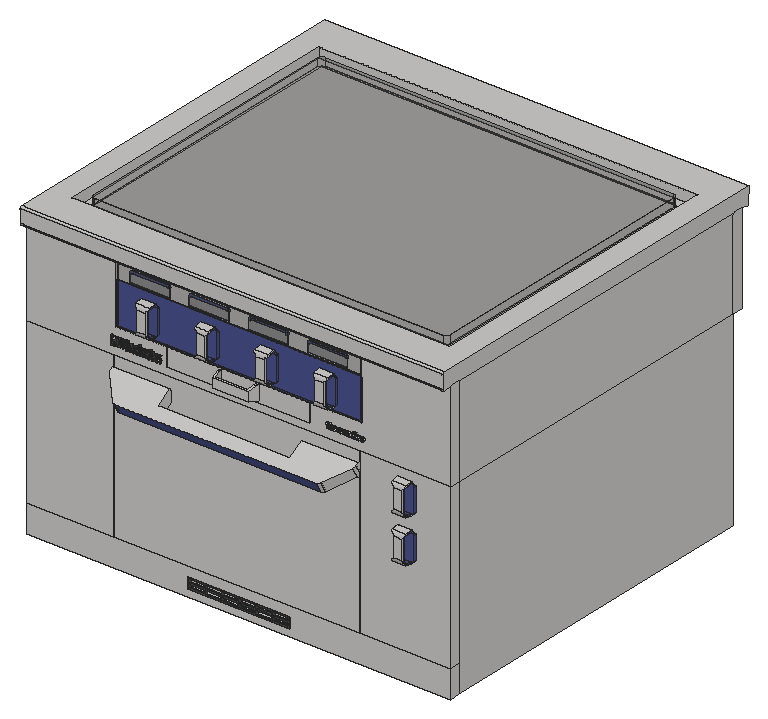
Revit family "QF_ELECTROLUXPROFESSIONAL_589652_MCLMEAJ8AO", category Attrezzature speciali, Revit 2020 (continued)
Definition of nested family "Front_Panel_W1000_Four Knobs"
  Definition of nested family "ELX_Professional_Logo_Small"
    Forms (mm)
      Extrusion 2, solid, material <- "Material_Logo"
        sketch origin (15.5, 0, 0) x (1, 0, 0) y (0, 1, 0)
          loop
            spline (-27.081, 7.167) -> (-27.853, 7.122) -> (-28.586, 6.99) -> (-29.275, 6.774) -> (-29.915, 6.478) -> (-30.5, 6.104) -> (-31.024, 5.657) -> (-31.483, 5.138) -> (-31.871, 4.553) -> (-32.182, 3.904) -> (-32.411, 3.194) -> (-32.552, 2.427) -> (-32.6, 1.606)
            spline (-32.6, 1.606) -> (-32.553, 0.805) -> (-32.416, 0.057) -> (-32.193, -0.637) -> (-31.887, -1.271) -> (-31.504, -1.843) -> (-31.048, -2.35) -> (-30.523, -2.788) -> (-29.934, -3.154) -> (-29.284, -3.444) -> (-28.579, -3.656) -> (-27.822, -3.785) -> (-27.019, -3.829)
            spline (-27.019, -3.829) -> (-26.627, -3.82) -> (-26.239, -3.79) -> (-25.856, -3.739) -> (-25.477, -3.663) -> (-25.103, -3.562) -> (-24.734, -3.432) -> (-24.369, -3.273) -> (-24.01, -3.082) -> (-23.655, -2.858) -> (-23.305, -2.597) -> (-22.96, -2.299) -> (-22.621, -1.962)
            line (-22.621, -1.962) -> (-24.114, -0.509)
            spline (-24.114, -0.509) -> (-24.311, -0.699) -> (-24.509, -0.872) -> (-24.71, -1.03) -> (-24.915, -1.172) -> (-25.126, -1.297) -> (-25.346, -1.407) -> (-25.576, -1.5) -> (-25.817, -1.576) -> (-26.072, -1.636) -> (-26.342, -1.678) -> (-26.629, -1.704) -> (-26.936, -1.713)
            spline (-26.936, -1.713) -> (-27.384, -1.691) -> (-27.805, -1.625) -> (-28.196, -1.518) -> (-28.556, -1.372) -> (-28.882, -1.187) -> (-29.174, -0.966) -> (-29.429, -0.71) -> (-29.645, -0.422) -> (-29.821, -0.102) -> (-29.955, 0.247) -> (-30.045, 0.623) -> (-30.089, 1.026)
            line (-30.089, 1.026) -> (-21.956, 1.026) -> (-21.915, 1.897)
          loop
            spline (-24.446, 2.769) -> (-24.47, 3.075) -> (-24.54, 3.37) -> (-24.654, 3.65) -> (-24.807, 3.913) -> (-24.996, 4.156) -> (-25.219, 4.376) -> (-25.472, 4.57) -> (-25.753, 4.736) -> (-26.057, 4.869) -> (-26.382, 4.968) -> (-26.724, 5.03) -> (-27.081, 5.051)
            spline (-27.081, 5.051) -> (-27.464, 5.03) -> (-27.832, 4.97) -> (-28.183, 4.872) -> (-28.513, 4.74) -> (-28.819, 4.577) -> (-29.099, 4.384) -> (-29.347, 4.165) -> (-29.563, 3.923) -> (-29.742, 3.659) -> (-29.881, 3.377) -> (-29.977, 3.079) -> (-30.027, 2.769)
            line (-30.027, 2.769) -> (-24.446, 2.769)
          loop
            spline (-18.167, 1.669) -> (-18.138, 2.13) -> (-18.055, 2.567) -> (-17.921, 2.978) -> (-17.739, 3.358) -> (-17.512, 3.705) -> (-17.243, 4.016) -> (-16.937, 4.287) -> (-16.596, 4.517) -> (-16.223, 4.7) -> (-15.823, 4.835) -> (-15.398, 4.919) -> (-14.951, 4.947)
            spline (-14.951, 4.947) -> (-14.677, 4.938) -> (-14.414, 4.913) -> (-14.162, 4.871) -> (-13.921, 4.812) -> (-13.69, 4.738) -> (-13.467, 4.649) -> (-13.254, 4.544) -> (-13.048, 4.424) -> (-12.85, 4.291) -> (-12.659, 4.143) -> (-12.474, 3.981) -> (-12.295, 3.806)
            line (-12.295, 3.806) -> (-10.76, 5.403)
            spline (-10.76, 5.403) -> (-11.065, 5.709) -> (-11.38, 5.984) -> (-11.703, 6.228) -> (-12.035, 6.443) -> (-12.375, 6.63) -> (-12.723, 6.788) -> (-13.078, 6.92) -> (-13.44, 7.026) -> (-13.809, 7.107) -> (-14.184, 7.164) -> (-14.564, 7.198) -> (-14.951, 7.209)
            spline (-14.951, 7.209) -> (-15.725, 7.161) -> (-16.467, 7.02) -> (-17.169, 6.792) -> (-17.826, 6.482) -> (-18.43, 6.096) -> (-18.976, 5.637) -> (-19.455, 5.112) -> (-19.862, 4.525) -> (-20.19, 3.882) -> (-20.433, 3.189) -> (-20.584, 2.449) -> (-20.635, 1.669)
            spline (-20.635, 1.669) -> (-20.584, 0.889) -> (-20.433, 0.149) -> (-20.19, -0.545) -> (-19.862, -1.187) -> (-19.455, -1.774) -> (-18.976, -2.299) -> (-18.43, -2.758) -> (-17.826, -3.145) -> (-17.169, -3.454) -> (-16.467, -3.682) -> (-15.725, -3.823) -> (-14.951, -3.871)
            spline (-14.951, -3.871) -> (-14.564, -3.86) -> (-14.184, -3.826) -> (-13.809, -3.77) -> (-13.44, -3.689) -> (-13.078, -3.583) -> (-12.723, -3.451) -> (-12.375, -3.292) -> (-12.035, -3.105) -> (-11.703, -2.89) -> (-11.38, -2.646) -> (-11.065, -2.371) -> (-10.76, -2.066)
            line (-10.76, -2.066) -> (-12.295, -0.468)
            spline (-12.295, -0.468) -> (-12.474, -0.643) -> (-12.659, -0.805) -> (-12.85, -0.953) -> (-13.048, -1.087) -> (-13.254, -1.206) -> (-13.467, -1.311) -> (-13.69, -1.4) -> (-13.921, -1.475) -> (-14.162, -1.533) -> (-14.414, -1.575) -> (-14.677, -1.6) -> (-14.951, -1.609)
            spline (-14.951, -1.609) -> (-15.398, -1.581) -> (-15.823, -1.497) -> (-16.223, -1.362) -> (-16.596, -1.179) -> (-16.937, -0.95) -> (-17.243, -0.678) -> (-17.512, -0.367) -> (-17.739, -0.02) -> (-17.921, 0.36) -> (-18.055, 0.771) -> (-18.138, 1.208) -> (-18.167, 1.669)
          loop
            spline (-4.441, -1.243) -> (-4.659, -1.247) -> (-4.894, -1.23) -> (-5.137, -1.19) -> (-5.384, -1.121) -> (-5.628, -1.021) -> (-5.864, -0.884) -> (-6.084, -0.708) -> (-6.283, -0.488) -> (-6.454, -0.219) -> (-6.592, 0.101) -> (-6.69, 0.478) -> (-6.742, 0.914)
            line (-6.742, 0.914) -> (-6.742, 4.587) -> (-4.487, 4.587) -> (-4.487, 6.838) -> (-6.738, 6.838) -> (-6.738, 10.824) -> (-9.217, 10.824) -> (-9.217, 0.773)
            spline (-9.217, 0.773) -> (-9.164, 0.19) -> (-9.068, -0.358) -> (-8.928, -0.87) -> (-8.742, -1.343) -> (-8.511, -1.777) -> (-8.232, -2.168) -> (-7.904, -2.515) -> (-7.527, -2.816) -> (-7.098, -3.069) -> (-6.618, -3.273) -> (-6.084, -3.426) -> (-5.496, -3.525)
            line (-5.496, -3.525) -> (-4.45, -3.573) -> (-4.441, -1.243)
          loop
            spline (3.898, 6.983) -> (3.469, 7.009) -> (3.056, 7.001) -> (2.661, 6.961) -> (2.283, 6.888) -> (1.925, 6.785) -> (1.588, 6.652) -> (1.272, 6.49) -> (0.979, 6.301) -> (0.71, 6.085) -> (0.465, 5.844) -> (0.247, 5.578) -> (0.056, 5.289)
            line (0.056, 5.289) -> (0.056, 6.838) -> (-2.402, 6.838) -> (-2.402, -3.572) -> (0.056, -3.572) -> (0.056, 1.901)
            spline (0.056, 1.901) -> (0.079, 2.316) -> (0.145, 2.703) -> (0.254, 3.06) -> (0.404, 3.386) -> (0.592, 3.679) -> (0.818, 3.938) -> (1.08, 4.162) -> (1.375, 4.348) -> (1.703, 4.495) -> (2.062, 4.602) -> (2.45, 4.668) -> (2.865, 4.69)
            line (2.865, 4.69) -> (3.898, 4.586) -> (3.898, 6.983)
          loop
            spline (15.638, 1.633) -> (15.586, 2.396) -> (15.435, 3.124) -> (15.192, 3.81) -> (14.863, 4.449) -> (14.455, 5.034) -> (13.975, 5.56) -> (13.43, 6.021) -> (12.826, 6.411) -> (12.17, 6.724) -> (11.469, 6.955) -> (10.729, 7.098) -> (9.958, 7.147)
            spline (9.958, 7.147) -> (9.182, 7.098) -> (8.44, 6.955) -> (7.737, 6.724) -> (7.081, 6.411) -> (6.477, 6.021) -> (5.933, 5.56) -> (5.454, 5.034) -> (5.048, 4.449) -> (4.721, 3.81) -> (4.479, 3.124) -> (4.329, 2.396) -> (4.277, 1.633)
            spline (4.277, 1.633) -> (4.329, 0.869) -> (4.479, 0.141) -> (4.721, -0.544) -> (5.048, -1.183) -> (5.454, -1.768) -> (5.933, -2.294) -> (6.477, -2.755) -> (7.081, -3.145) -> (7.737, -3.459) -> (8.44, -3.69) -> (9.182, -3.833) -> (9.958, -3.882)
            spline (9.958, -3.882) -> (10.729, -3.833) -> (11.469, -3.69) -> (12.17, -3.459) -> (12.826, -3.145) -> (13.43, -2.755) -> (13.975, -2.294) -> (14.455, -1.768) -> (14.863, -1.183) -> (15.192, -0.544) -> (15.435, 0.141) -> (15.586, 0.869) -> (15.638, 1.633)
          loop
            spline (13.18, 1.633) -> (13.151, 2.083) -> (13.067, 2.513) -> (12.932, 2.918) -> (12.748, 3.296) -> (12.52, 3.642) -> (12.251, 3.954) -> (11.943, 4.227) -> (11.601, 4.459) -> (11.228, 4.645) -> (10.828, 4.782) -> (10.403, 4.867) -> (9.958, 4.896)
            spline (9.958, 4.896) -> (9.509, 4.867) -> (9.081, 4.782) -> (8.679, 4.645) -> (8.306, 4.459) -> (7.964, 4.227) -> (7.658, 3.954) -> (7.39, 3.642) -> (7.163, 3.296) -> (6.981, 2.918) -> (6.847, 2.513) -> (6.765, 2.083) -> (6.736, 1.633)
            spline (6.736, 1.633) -> (6.765, 1.182) -> (6.847, 0.753) -> (6.981, 0.347) -> (7.163, -0.031) -> (7.39, -0.377) -> (7.658, -0.689) -> (7.964, -0.962) -> (8.306, -1.193) -> (8.679, -1.38) -> (9.081, -1.517) -> (9.509, -1.602) -> (9.958, -1.631)
            spline (9.958, -1.631) -> (10.403, -1.602) -> (10.828, -1.517) -> (11.228, -1.38) -> (11.601, -1.193) -> (11.943, -0.962) -> (12.251, -0.689) -> (12.52, -0.377) -> (12.748, -0.031) -> (12.932, 0.347) -> (13.067, 0.753) -> (13.151, 1.182) -> (13.18, 1.633)
          loop
            line (17.162, 4.269) -> (17.162, -3.573) -> (19.642, -3.573) -> (19.642, 10.824) -> (17.162, 10.824) -> (17.162, 4.269)
          loop
            line (28.581, 6.838) -> (28.581, 0.786)
            spline (28.581, 0.786) -> (28.561, 0.393) -> (28.503, 0.038) -> (28.409, -0.279) -> (28.281, -0.559) -> (28.122, -0.802) -> (27.933, -1.011) -> (27.717, -1.185) -> (27.476, -1.325) -> (27.213, -1.433) -> (26.929, -1.509) -> (26.626, -1.554) -> (26.308, -1.569)
            spline (26.308, -1.569) -> (25.99, -1.554) -> (25.688, -1.509) -> (25.404, -1.434) -> (25.141, -1.326) -> (24.9, -1.187) -> (24.684, -1.014) -> (24.496, -0.807) -> (24.336, -0.565) -> (24.209, -0.288) -> (24.115, 0.026) -> (24.057, 0.376) -> (24.037, 0.765)
            line (24.037, 0.765) -> (24.037, 6.838) -> (21.537, 6.838) -> (21.537, 0.558)
            spline (21.537, 0.558) -> (21.581, -0.153) -> (21.71, -0.8) -> (21.916, -1.384) -> (22.195, -1.904) -> (22.54, -2.362) -> (22.944, -2.757) -> (23.403, -3.09) -> (23.909, -3.362) -> (24.456, -3.572) -> (25.04, -3.722) -> (25.652, -3.811) -> (26.288, -3.841)
            spline (26.288, -3.841) -> (26.929, -3.811) -> (27.547, -3.72) -> (28.135, -3.568) -> (28.687, -3.355) -> (29.197, -3.079) -> (29.66, -2.741) -> (30.068, -2.341) -> (30.415, -1.877) -> (30.696, -1.349) -> (30.905, -0.757) -> (31.034, -0.101) -> (31.079, 0.621)
            line (31.079, 0.621) -> (31.079, 6.838) -> (28.581, 6.838)
          loop
            line (40.457, -0.243) -> (38.894, 1.942) -> (40.83, 4.579) -> (42.488, 6.837) -> (39.782, 6.837) -> (37.53, 3.719) -> (35.258, 6.837) -> (32.573, 6.837) -> (34.113, 4.731) -> (36.167, 1.922) -> (34.014, -1.076) -> (32.222, -3.573) -> (34.887, -3.573) -> (37.53, 0.104) -> (40.174, -3.573) -> (42.839, -3.573) -> (40.457, -0.243)
          loop
            line (-46.121, -5.837) -> (-48.039, -5.837) -> (-48.039, -10.814) -> (-47.016, -10.814) -> (-47.016, -9.128) -> (-46.121, -9.128)
            arc (-46.121, -9.128) -> (-44.476, -7.482) -> (-46.121, -5.837) r 1.645
          loop
            line (-46.163, -6.778) -> (-47.016, -6.778) -> (-47.016, -8.187) -> (-46.163, -8.187)
            arc (-46.163, -8.187) -> (-45.458, -7.482) -> (-46.163, -6.778) r 0.704
          loop
            line (-38.313, -5.837) -> (-40.265, -5.837) -> (-40.265, -10.814) -> (-39.241, -10.814) -> (-39.241, -9.1) -> (-38.46, -9.182) -> (-37.48, -10.814) -> (-36.318, -10.814) -> (-37.513, -8.848)
            arc (-37.513, -8.848) -> (-36.888, -8.266) -> (-36.671, -7.441) r 1.536
            arc (-36.671, -7.441) -> (-37.165, -6.305) -> (-38.313, -5.837) r 1.643
          loop
            arc (-38.402, -8.166) -> (-37.707, -7.505) -> (-38.334, -6.778) r 0.696
            line (-38.334, -6.778) -> (-39.241, -6.778) -> (-39.241, -8.166) -> (-38.402, -8.166)
          loop
            circle (-29.965, -8.325) r 2.585
          loop
            circle (-29.965, -8.325) r 1.64
          loop
            line (-23.1, -5.837) -> (-23.1, -10.814) -> (-22.076, -10.814) -> (-22.076, -8.768) -> (-20.204, -8.768) -> (-20.204, -7.828) -> (-22.076, -7.828) -> (-22.076, -6.778) -> (-20.024, -6.778) -> (-20.024, -5.837) -> (-23.1, -5.837)
          loop
            line (-15.802, -5.837) -> (-15.802, -9.2)
            arc (-15.802, -9.2) -> (-15.343, -10.34) -> (-14.209, -10.814) r 1.593
            line (-14.209, -10.814) -> (-12.602, -10.814) -> (-12.602, -10.027) -> (-14.004, -10.027)
            arc (-14.004, -10.027) -> (-14.552, -9.8) -> (-14.779, -9.252) r 0.775
            line (-14.779, -9.252) -> (-14.779, -8.424) -> (-12.789, -8.424) -> (-12.789, -7.642) -> (-14.779, -7.642) -> (-14.779, -6.778) -> (-12.651, -6.778) -> (-12.651, -5.837) -> (-15.802, -5.837)
          loop
            line (-5.909, -7.143) -> (-5.173, -6.638)
            arc (-5.173, -6.638) -> (-5.855, -5.974) -> (-6.781, -5.755) r 1.782
            arc (-6.781, -5.755) -> (-7.397, -5.878) -> (-7.944, -6.189) r 1.974
            arc (-7.944, -6.189) -> (-8.202, -6.5) -> (-8.317, -6.888) r 1.013
            arc (-8.317, -6.888) -> (-8.306, -7.341) -> (-8.192, -7.78) r 1.985
            arc (-8.192, -7.78) -> (-7.749, -8.259) -> (-7.171, -8.563) r 1.928
            arc (-7.171, -8.563) -> (-6.637, -8.779) -> (-6.131, -9.056) r 5.041
            arc (-6.131, -9.056) -> (-5.934, -9.387) -> (-6.09, -9.74) r 0.42
            arc (-6.09, -9.74) -> (-6.631, -9.96) -> (-7.204, -9.845) r 1.016
            arc (-7.204, -9.845) -> (-7.625, -9.603) -> (-7.889, -9.196) r 1.033
            line (-7.889, -9.196) -> (-8.67, -9.686)
            arc (-8.67, -9.686) -> (-8.361, -10.198) -> (-7.908, -10.589) r 1.914
            arc (-7.908, -10.589) -> (-7.334, -10.834) -> (-6.714, -10.896) r 2.063
            arc (-6.714, -10.896) -> (-5.947, -10.743) -> (-5.256, -10.376) r 2.696
            arc (-5.256, -10.376) -> (-4.95, -9.565) -> (-5.108, -8.712) r 1.618
            arc (-5.108, -8.712) -> (-5.448, -8.319) -> (-5.884, -8.035) r 1.876
            arc (-5.884, -8.035) -> (-6.434, -7.789) -> (-6.999, -7.577) r 9.883
            arc (-6.999, -7.577) -> (-7.325, -7.07) -> (-6.854, -6.694) r 0.45
            arc (-6.854, -6.694) -> (-6.329, -6.809) -> (-5.909, -7.143) r 1.197
          loop
            line (1.61, -7.143) -> (2.345, -6.638)
            arc (2.345, -6.638) -> (1.663, -5.974) -> (0.737, -5.755) r 1.782
            arc (0.737, -5.755) -> (0.121, -5.878) -> (-0.425, -6.189) r 1.974
            arc (-0.425, -6.189) -> (-0.683, -6.5) -> (-0.799, -6.888) r 1.013
            arc (-0.799, -6.888) -> (-0.788, -7.341) -> (-0.674, -7.78) r 1.985
            arc (-0.674, -7.78) -> (-0.231, -8.259) -> (0.347, -8.563) r 1.928
            arc (0.347, -8.563) -> (0.881, -8.779) -> (1.387, -9.056) r 5.041
            arc (1.387, -9.056) -> (1.584, -9.387) -> (1.428, -9.74) r 0.42
            arc (1.428, -9.74) -> (0.887, -9.96) -> (0.314, -9.845) r 1.016
            arc (0.314, -9.845) -> (-0.107, -9.603) -> (-0.371, -9.196) r 1.033
            line (-0.371, -9.196) -> (-1.152, -9.686)
            arc (-1.152, -9.686) -> (-0.842, -10.198) -> (-0.39, -10.589) r 1.914
            arc (-0.39, -10.589) -> (0.184, -10.834) -> (0.804, -10.896) r 2.063
            arc (0.804, -10.896) -> (1.572, -10.743) -> (2.263, -10.376) r 2.696
            arc (2.263, -10.376) -> (2.568, -9.565) -> (2.411, -8.712) r 1.618
            arc (2.411, -8.712) -> (2.07, -8.319) -> (1.635, -8.035) r 1.876
            arc (1.635, -8.035) -> (1.084, -7.789) -> (0.519, -7.577) r 9.883
            arc (0.519, -7.577) -> (0.193, -7.07) -> (0.665, -6.694) r 0.45
            arc (0.665, -6.694) -> (1.189, -6.809) -> (1.61, -7.143) r 1.197
          loop
            line (6.801, -5.837) -> (6.801, -10.814) -> (7.825, -10.814) -> (7.825, -5.837) -> (6.801, -5.837)
          loop
            circle (14.724, -8.325) r 1.548
          loop
            circle (14.724, -8.325) r 2.585
          loop
            line (21.59, -10.814) -> (22.623, -10.814) -> (22.623, -7.685) -> (24.9, -10.814) -> (25.895, -10.814) -> (25.895, -5.837) -> (24.861, -5.837) -> (24.861, -9.061) -> (22.585, -5.837) -> (21.59, -5.837) -> (21.59, -10.814)
          loop
            line (31.054, -10.814) -> (31.539, -9.74) -> (33.38, -9.74) -> (33.865, -10.814) -> (34.965, -10.814) -> (32.46, -5.837) -> (29.956, -10.814) -> (31.054, -10.814)
          loop
            line (32.46, -7.698) -> (31.999, -8.719) -> (32.921, -8.719) -> (32.46, -7.698)
          loop
            line (40.047, -9.873) -> (40.047, -5.837) -> (39.024, -5.837) -> (39.024, -10.814) -> (41.961, -10.814) -> (41.961, -9.873) -> (40.047, -9.873)
          loop
            line (-74.986, -10.814) -> (-53.322, -10.814) -> (-53.322, 10.82) -> (-74.986, 10.82) -> (-74.986, -10.814)
          loop
            line (-61.261, 9.758) -> (-61.261, -9.707)
            arc (-61.261, -9.707) -> (-54.066, 0.025) -> (-61.261, 9.758) r 10.18
          loop
            line (-62.251, 8.349) -> (-62.251, 9.758)
            arc (-62.251, 9.758) -> (-70.347, 7.918) -> (-74.247, 0.59) r 9.976
            line (-74.247, 0.59) -> (-71.026, 0.59)
            arc (-71.026, 0.59) -> (-65.274, 2.925) -> (-62.251, 8.349) r 9.351
          loop
            arc (-74.247, -0.539) -> (-70.353, -7.928) -> (-62.251, -9.957) r 10.237
            line (-62.251, -9.957) -> (-62.251, -8.298)
            arc (-62.251, -8.298) -> (-65.274, -2.874) -> (-71.026, -0.539) r 9.351
            line (-71.026, -0.539) -> (-74.247, -0.539)
        from 0 to 1.644
    Dimensions and locks
      aligned and locked: plane 2 to Extrusion 1
      aligned and locked: level to Extrusion 1
